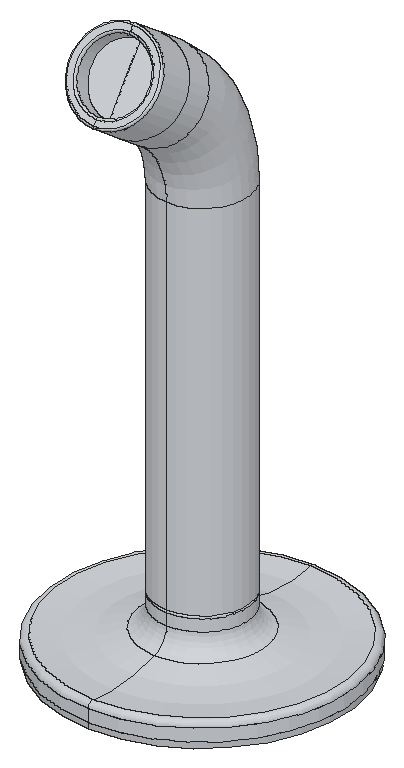
Revit family "Faucet-Wall_Mount-Bath_Spout-KOHLER-Purist-K-14426BR_1", category Plumbing Fixtures, host Face, Revit 2017
Family settings
  Host = Face
  Round Connector Dimension = Use Diameter
  Part Type = Normal
  OmniClass Number = 23.31.11.00
  OmniClass Title = Faucets
  Cut with Voids When Loaded = No
  Shared = No
  Room Calculation Point = No
Parameters (values of type "CP-Polished Chrome")
  Width = 4"  # constant formula
  WaterSense Certified = 1 = 0  # no
  Waste Water Outlet = "Waste Water Outlet"  # constant formula
  Waste Connection = 1 = 0  # no
  Vent Connection = 1 = 0  # no
  URL = "https://br.kohler.com/"
  Type = 1
  Spout Reach = 8"  # constant formula
  Product Page URL = "https://br.kohler.com/product-detail/14426br?skuid=K-14426BR-CP"
  Product Name = "Purist"  # constant formula
  Product Documentation Link = "http://resources.kohler.com/plumbing/kohlerbrazil/pdf/K-14426BR_spec_br.pdf"
  Pressure = 0.00 psi
  Model = "K-14426BR-CP"  # constant formula
  Material = "Premium Metal Construction"  # constant formula
  Master Format 2014 Name = "Residential Faucets, Supplies, and Trim"  # constant formula
  Master Format 2014 = "22 41 39"  # constant formula
  Manufacturer Address = "Rio de Janeiro MULTIREPAROS RUA BATISTA DA COSTA, Nº 352 | STORE B Rio de Janeiro SÃO GONÇALO 24450-470"  # constant formula
  Manufacturer = "KOHLER Co."  # constant formula
  Length = Spout Reach  # 8"
  Hot Water Inlet = "Tempered Water Inlet"  # constant formula
  Height = 4"  # constant formula
  HW Connection = 1 = 1  # yes
  Flow Rate = 0 GPM
  Finish = Kohler-Metal-CP-Polished_Chrome
  Environmental Product Declaration = ""
  Drain Included = 1 = 0  # no
  Description = "Wall-mounted bathtub spout"  # constant formula
  Default Elevation = 36"
  Declare Label = ""
  Date Modified = "05/11/2021"  # constant formula
  Date Created = "05/11/2021"  # constant formula
  Copyright = "Copyright KOHLER Co."  # constant formula
  Contact Us = "https://br.kohler.com/asr-listing"
  Cold Water Inlet = "Cold Water Inlet"  # constant formula
  CW Connection = 1 = 0  # no
  Assembly Code = "D2010"
  ADA Compliant = 1 = 0  # no
Reference planes (in)
  plane 1 "Center (Front/Back)": y = 0
  plane 2: z = 0
  plane 3 "Center (Left/Right)": x = 0
  plane 4: x = 1.99996
  plane 5: x = -2.00004
  plane 6: y = 1.99996
  plane 7: y = -2.00004
  plane 8: y = 0.625
  plane 9: y = -0.73702
  plane 10: x = -0.625
  plane 11: x = 0.625
  plane 12: z = 8.5
  plane 13: z = 8.20512
  plane 14: z = 0.89921
  plane 15: z = 0.33935
  plane 16: y = -0.625
  plane 17: z = 8
Dimensions and locks (in)
  "Height": plane 7 to plane 6
  "Width": plane 5 to plane 4
  "Spout Reach": plane 17 to level
  aligned and locked: plane 2 to host face
  aligned and locked: level to host face
Automatic sketch dimensions
  host sketch curve to host sketch curve = 96"  (x2)
Nested families (in)
  nested 1: "K-14426BR" at (0, 0, 0), type "K-14426BR"
Connectors (in)
  piping at (0, 0, 0), diameter 0.5, driven by "Flow Rate", driven by "HW Connection", driven by "Hot Water Inlet"
    settings: on nested 1, index 1, connector inside diameter 24", connector length 0", flow factor 0, pipe flow 0 GPM, pressure drop 0.00 psi, fitting loss kfactor 0, connector angle 0.00°, fixture units 0, engagement length 0", angle of deflection 0.00°, flow configuration 0, flow direction 1, fitting loss method 0, system type 19, joint type 0, gender type 0, connector reference index -1, connector utility 1, adjustable connector no, is connector primary yes, connector description "Tempered Water Inlet"
Definition of nested family "K-14426BR"
  Parameters (values of type "K-14426BR")
    Material = none
  Reference planes (in)
    plane 1 "Center (Front/Back)": y = 0
    plane 2: z = 0
    plane 3 "Center (Left/Right)": x = 0
  Forms (in)
    Revolve 1, solid, material <- "Material", detail levels medium+fine
      sketch origin (0, 0, 0) x (0, 1, 0) y (0, 0, 1)
        loop
          line (1.98413, 0) -> (1.99996, 0.08977) -> (1.99996, 0.26098)
          arc (1.99996, 0.26098) -> (1.97146, 0.32144) -> (1.90668, 0.33792) r 0.07837
          arc (1.90668, 0.33792) -> (1.36258, 0.30516) -> (0.82863, 0.41474) r 2.08198
          arc (0.82863, 0.41474) -> (0.68111, 0.52527) -> (0.625, 0.70086) r 0.30282
          line (0.625, 0.70086) -> (0.625, 0.86659)
          arc (0.625, 0.86659) -> (0.61545, 0.88965) -> (0.59238, 0.89921) r 0.03262
          line (0.59238, 0.89921) -> (0, 0.89921) -> (0, 0) -> (1.98413, 0)
        axis (0, 0.89921) -> (0, 0)
      angle from 0 to 360
    Sweep 2, solid, material <- "Material", detail levels medium+fine
      path origin (0, 0, 0) x (0, 1, 0) y (0, 0, 1)
        loop
          line (0, 0.89921) -> (0, 6.02921)
          arc (0, 6.02921) -> (-0.19773, 6.83727) -> (-0.74624, 7.46272) r 1.75
          line (-0.74624, 7.46272) -> (-1.09029, 7.70363)
      profile origin (0, 0, 0.89921) x (0, -1, 0) y (1, 0, 0)
        loop
          circle (0, 0) r 0.625
    Revolve 3, solid, material <- "Material", detail levels medium+fine
      sketch origin (0, 0, 0) x (0, 1, 0) y (0, 0, 1)
        loop
          line (-1.21355, 8.52135) -> (-1.26281, 8.451)
          arc (-1.26281, 8.451) -> (-1.26748, 8.42993) -> (-1.25588, 8.41173) r 0.0282
          line (-1.25588, 8.41173) -> (-1.0742, 8.28451) -> (-1.35241, 7.88717) -> (-1.09029, 7.70363) -> (-0.7318, 8.2156) -> (-1.17753, 8.5277)
          arc (-1.17753, 8.5277) -> (-1.19686, 8.53199) -> (-1.21355, 8.52135) r 0.02586
        axis (-1.5572, 8.03056) -> (-1.09029, 7.70363)
      angle from 0 to 360
    Extrusion 4, solid, material <- "Material", detail levels medium+fine
      sketch origin (0, 0, 0) x (1, 0, 0) y (0, 1, 0)
        loop
          circle (0, 0) r 0.25
      from 0 to 0.08977
    Extrusion 5, solid, material <- "Material", detail levels coarse
      sketch origin (0, 0, 0) x (1, 0, 0) y (0, 1, 0)
        loop
          circle (0, 0) r 1.99996
      from 0 to 0.3441
    Sweep 6, solid, material <- "Material", detail levels coarse
      path origin (0, 0, 0) x (0, 1, 0) y (0, 0, 1)
        loop
          line (0, 0.3441) -> (0, 6.02921)
          arc (0, 6.02921) -> (-0.19773, 6.83727) -> (-0.74624, 7.46272) r 1.75
          line (-0.74624, 7.46272) -> (-1.55849, 8.03146)
      profile origin (0, 0, 0.3441) x (0, -1, 0) y (1, 0, 0)
        loop
          circle (0, 0) r 0.625
  Cuts and joins
    joined: Revolve 1, Sweep 2
    joined: Extrusion 5, Sweep 6
  Lines and regions (in)
    Masking region 1
      outline origin (0, 0, 0) x (0, 1, 0) y (0, 0, 1)
        loop
          line (1.98413, 0) -> (1.99996, 0.08977) -> (1.99996, 0.26163)
          arc (1.99996, 0.26163) -> (1.97719, 0.31659) -> (1.92224, 0.33935) r 0.07772
          line (1.92224, 0.33935) -> (1.10825, 0.33935)
          arc (1.10825, 0.33935) -> (0.96091, 0.37315) -> (0.81738, 0.42055) r 1.61829
          arc (0.81738, 0.42055) -> (0.67774, 0.53048) -> (0.625, 0.7002) r 0.29945
          line (0.625, 0.7002) -> (0.625, 0.86821)
          arc (0.625, 0.86821) -> (0.61534, 0.89071) -> (0.59238, 0.89921) r 0.03104
          line (0.59238, 0.89921) -> (0.625, 0.89921) -> (0.625, 6.03257)
          arc (0.625, 6.03257) -> (0.35738, 7.12624) -> (-0.385, 7.97277) r 2.36855
          line (-0.385, 7.97277) -> (-1.17682, 8.5272) -> (-1.21405, 8.52064) -> (-1.90035, 7.54049) -> (-1.89379, 7.50326) -> (-1.1036, 6.94997)
          arc (-1.1036, 6.94997) -> (-0.75182, 6.54883) -> (-0.625, 6.03058) r 1.12237
          line (-0.625, 6.03058) -> (-0.625, 0.89921) -> (-0.59238, 0.89921)
          arc (-0.59238, 0.89921) -> (-0.61534, 0.89071) -> (-0.625, 0.86821) r 0.03104
          line (-0.625, 0.86821) -> (-0.625, 0.7002)
          arc (-0.625, 0.7002) -> (-0.67774, 0.53048) -> (-0.81738, 0.42055) r 0.29945
          arc (-0.81738, 0.42055) -> (-0.96091, 0.37315) -> (-1.10825, 0.33935) r 1.61829
          line (-1.10825, 0.33935) -> (-1.92224, 0.33935)
          arc (-1.92224, 0.33935) -> (-1.97719, 0.31659) -> (-1.99996, 0.26163) r 0.07772
          line (-1.99996, 0.26163) -> (-1.99996, 0.08977) -> (-1.98413, 0) -> (1.98413, 0)
    Masking region 2
      outline origin (0, 0, 0) x (1, 0, 0) y (0, 0, 1)
        loop
          line (1.98413, 0) -> (1.99996, 0.08977) -> (1.99996, 0.26163)
          arc (1.99996, 0.26163) -> (1.97719, 0.31659) -> (1.92224, 0.33935) r 0.07772
          line (1.92224, 0.33935) -> (1.10825, 0.33935)
          arc (1.10825, 0.33935) -> (0.96091, 0.37315) -> (0.81738, 0.42055) r 1.61829
          arc (0.81738, 0.42055) -> (0.67774, 0.53048) -> (0.625, 0.7002) r 0.29945
          line (0.625, 0.7002) -> (0.625, 0.86821)
          arc (0.625, 0.86821) -> (0.61534, 0.89071) -> (0.59238, 0.89921) r 0.03104
          line (0.59238, 0.89921) -> (0.625, 0.89921) -> (0.625, 8.014)
          spline (0.625, 8.014) -> (0.6037, 8.14651) -> (0.54127, 8.26999) -> (0.44194, 8.37602) -> (0.3125, 8.45738) -> (0.16176, 8.50853) -> (0, 8.52597) -> (-0.16176, 8.50853) -> (-0.3125, 8.45738) -> (-0.44194, 8.37602) -> (-0.54127, 8.26999) -> (-0.6037, 8.14651) -> (-0.625, 8.014)
          line (-0.625, 8.014) -> (-0.625, 0.89921) -> (-0.59238, 0.89921)
          arc (-0.59238, 0.89921) -> (-0.61534, 0.89071) -> (-0.625, 0.86821) r 0.03104
          line (-0.625, 0.86821) -> (-0.625, 0.7002)
          arc (-0.625, 0.7002) -> (-0.67774, 0.53048) -> (-0.81738, 0.42055) r 0.29945
          arc (-0.81738, 0.42055) -> (-0.96091, 0.37315) -> (-1.10825, 0.33935) r 1.61829
          line (-1.10825, 0.33935) -> (-1.92224, 0.33935)
          arc (-1.92224, 0.33935) -> (-1.97719, 0.31659) -> (-1.99996, 0.26163) r 0.07772
          line (-1.99996, 0.26163) -> (-1.99996, 0.08977) -> (-1.98413, 0) -> (1.98413, 0)
    Masking region 3
      outline origin (0, 0, 0) x (1, 0, 0) y (0, 1, 0)
        loop
          circle (0, 0) r 1.99996
    symbolic lines, detail levels medium+fine
      curve 1: line (0, 1.10825, 0.33935) -> (0, -1.10825, 0.33935)
      curve 2: line (0, 0.59238, 0.89921) -> (0, -0.59238, 0.89921)
      curve 3: line (0, -0.7318, 8.2156) -> (0, -1.44877, 7.19166)
      curve 4: line (0, 1.99996, 0.08977) -> (0, -1.99996, 0.08977)
      curve 5: line (1.99996, 0, 0.08977) -> (-1.99996, 0, 0.08977)
      curve 6: line (1.10825, 0, 0.33935) -> (-1.10825, 0, 0.33935)
      curve 7: line (0.59238, 0, 0.89921) -> (-0.59238, 0, 0.89921)
      curve 8: spline (0.625, 0, 7.70363) -> (0.6037, 0, 7.83613) -> (0.54127, 0, 7.95961) -> (0.44194, 0, 8.06564) -> (0.3125, 0, 8.147) -> (0.16176, 0, 8.19815) -> (0, 0, 8.2156) -> (-0.16176, 0, 8.19815) -> (-0.3125, 0, 8.147) -> (-0.44194, 0, 8.06564) -> (-0.54127, 0, 7.95961) -> (-0.6037, 0, 7.83613) -> (-0.625, 0, 7.70363)
      curve 9: spline (0.48506, -1.5572, 0) -> (0.46853, -1.62921, 0) -> (0.42007, -1.69631, 0) -> (0.34299, -1.75393, 0) -> (0.24253, -1.79815, 0) -> (0.12554, -1.82594, 0) -> (0, -1.83542, 0) -> (-0.12554, -1.82594, 0) -> (-0.24253, -1.79815, 0) -> (-0.34299, -1.75393, 0) -> (-0.42007, -1.69631, 0) -> (-0.46853, -1.62921, 0) -> (-0.48506, -1.5572, 0) -> (-0.46853, -1.48519, 0) -> (-0.42007, -1.41809, 0) -> (-0.34299, -1.36047, 0) -> (-0.24253, -1.31626, 0) -> (-0.12554, -1.28846, 0) -> (0, -1.27898, 0) -> (0.12554, -1.28846, 0) -> (0.24253, -1.31626, 0) -> (0.34299, -1.36047, 0) -> (0.42007, -1.41809, 0) -> (0.46853, -1.48519, 0) -> (0.48506, -1.5572, 0)
      curve 10: spline (0.48455, -1.5445, 0) -> (0.46342, -1.61399, 0) -> (0.4125, -1.67818, 0) -> (0.33507, -1.73298, 0) -> (0.23611, -1.77484, 0) -> (0.12197, -1.80109, 0) -> (0, -1.81003, 0) -> (-0.12197, -1.80109, 0) -> (-0.23611, -1.77484, 0) -> (-0.33507, -1.73298, 0) -> (-0.4125, -1.67818, 0) -> (-0.46342, -1.61399, 0) -> (-0.48455, -1.5445, 0)
      curve 11: spline (0.59827, -1.5572, 0) -> (0.57788, -1.64602, 0) -> (0.51812, -1.72878, 0) -> (0.42304, -1.79985, 0) -> (0.29913, -1.85438, 0) -> (0.15484, -1.88866, 0) -> (0, -1.90035, 0) -> (-0.15484, -1.88866, 0) -> (-0.29913, -1.85438, 0) -> (-0.42304, -1.79985, 0) -> (-0.51812, -1.72878, 0) -> (-0.57788, -1.64602, 0) -> (-0.59827, -1.5572, 0) -> (-0.57788, -1.46839, 0) -> (-0.51812, -1.38563, 0) -> (-0.42304, -1.31456, 0) -> (-0.29913, -1.26002, 0) -> (-0.15484, -1.22574, 0) -> (0, -1.21405, 0) -> (0.15484, -1.22574, 0) -> (0.29913, -1.26002, 0) -> (0.42304, -1.31456, 0) -> (0.51812, -1.38563, 0) -> (0.57788, -1.46839, 0) -> (0.59827, -1.5572, 0)
      curve 12: spline (-0.43474, -1.79294, 0) -> (-0.57115, -1.67776, 0) -> (-0.61999, -1.54137, 0) -> (-0.57379, -1.40468, 0) -> (-0.43962, -1.28864, 0) -> (-0.23806, -1.21104, 0) -> (0, -1.18378, 0) -> (0.23806, -1.21104, 0) -> (0.43962, -1.28864, 0) -> (0.57379, -1.40468, 0) -> (0.61999, -1.54137, 0) -> (0.57115, -1.67776, 0) -> (0.43474, -1.79294, 0)
      curve 13: spline (0.62, -1.13554, 0) -> (0.61738, -1.03447, 0) -> (0.56568, -0.93785, 0) -> (0.46901, -0.85334, 0) -> (0.33505, -0.78766, 0) -> (0.17446, -0.74605, 0) -> (0, -0.7318, 0) -> (-0.17446, -0.74605, 0) -> (-0.33505, -0.78766, 0) -> (-0.46901, -0.85334, 0) -> (-0.56568, -0.93785, 0) -> (-0.61738, -1.03447, 0) -> (-0.62, -1.13554, 0)
      curve 14: spline (-0.62, -1.09029, 0) -> (-0.59887, -0.99824, 0) -> (-0.53694, -0.91248, 0) -> (-0.43841, -0.83883, 0) -> (-0.31, -0.78231, 0) -> (-0.16047, -0.74679, 0) -> (0, -0.73467, 0) -> (0.16047, -0.74679, 0) -> (0.31, -0.78231, 0) -> (0.43841, -0.83883, 0) -> (0.53694, -0.91248, 0) -> (0.59887, -0.99824, 0) -> (0.62, -1.09029, 0)
      curve 15: arc (-0.625, 0, 0) -> (0, 0.625, 0) -> (0.625, 0, 0) r 0.625
      curve 16: line (-0.62, -1.5394, 0) -> (-0.62, -1.09029, 0)
      curve 17: line (0.62, -1.5394, 0) -> (0.62, -1.09029, 0)
      curve 18: line (-0.625, 0, 0) -> (-0.625, -1.09029, 0)
      curve 19: line (0.625, 0, 0) -> (0.625, -1.09029, 0)
  Dimensions and locks (in)
    aligned and locked: plane 2 to level
